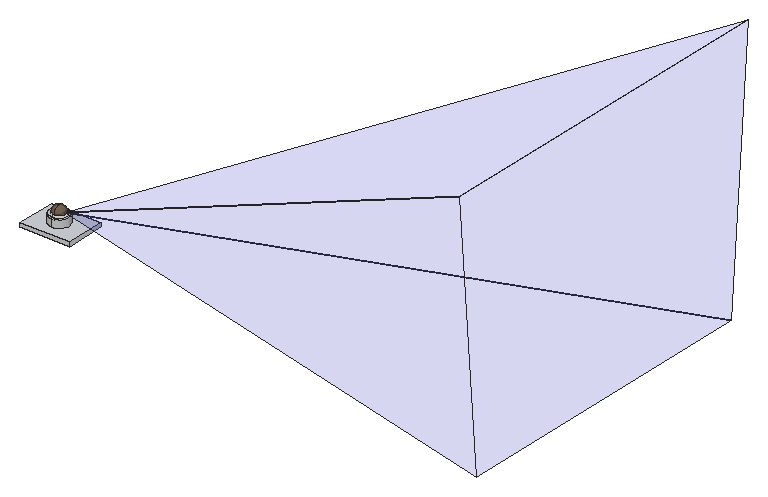
Revit family "Camera-Security-Canon-Fixed_Dome_Camera", category Security Devices, host Face, Revit 2012
Parameters (values of type "1.3 MP - Fixed")
  zz YesNo 9 [instance] = and(not(zz YesNo 13), zz Integer 1 = 13)  # no
  zz YesNo 8 [instance] = and(not(zz YesNo 13), zz Integer 1 = 3)  # no
  zz YesNo 7 [instance] = 0 = 1  # no
  zz YesNo 6 [instance] = and(not(zz YesNo 13), or(zz Integer 1 = 6, zz Integer 1 = 9, zz Integer 1 = 1))  # no
  zz YesNo 5 [instance] = and(not(zz YesNo 13), zz Integer 1 = 7)  # no
  zz YesNo 4 [instance] = and(not(zz YesNo 13), or(zz Integer 1 = 6, zz Integer 1 = 16, zz Integer 1 = 12))  # no
  zz YesNo 3 [instance] = and(not(zz YesNo 13), zz Integer 1 = 6)  # no
  zz YesNo 27 [instance] = and(not(zz YesNo 13), zz Integer 1 = 16)  # no
  zz YesNo 26 [instance] = and(not(zz YesNo 13), or(zz Integer 1 = 5, zz Integer 1 = 7, zz Integer 1 = 8, zz Integer 1 = 11))  # no
  zz YesNo 25 [instance] = 0 = 1  # no
  zz YesNo 24 [instance] = and(not(zz YesNo 13), zz Integer 1 = 10)  # no
  zz YesNo 23 [instance] = and(not(zz YesNo 13), zz Integer 1 = 2)  # no
  zz YesNo 22 [instance] = 0 = 1  # no
  zz YesNo 21 [instance] = and(not(zz YesNo 13), Has Field of View)  # yes
  zz YesNo 20 [instance] = 0 = 1  # no
  zz YesNo 2 [instance] = not(zz YesNo 13)  # yes
  zz YesNo 19 [instance] = and(not(zz YesNo 13), not(Vandal Resistant Housing), Has Smoked Dome)  # no
  zz YesNo 18 [instance] = and(not(zz YesNo 13), zz Integer 1 = 5)  # no
  zz YesNo 17 [instance] = and(not(zz YesNo 13), zz Integer 1 = 4)  # no
  zz YesNo 16 [instance] = yes
  zz YesNo 15 [instance] = if(zz YesNo 7, 1, 0) + if(zz YesNo 11, 1, 0) + if(Has Recessed Mount, 1, 0) + if(zz YesNo 25, 1, 0) + if(zz YesNo 22, 1, 0) + if(Has Pole Mount Aluminium, 1, 0) + if(Has Pole Mount Stainless Steel, 1, 0) + if(Has Ceiling Pendant Mount, 1, 0) + if(zz YesNo 20, 1, 0) + if(Has Wall Corner Mount, 1, 0) + if(zz YesNo 1, 1, 0) + if(zz YesNo 10, 1, 0) + if(Has Wall Mount Bracket, 1, 0) + if(Has Wall Bracket Mount, 1, 0) + if(Has Junction Box Mounting Kit, 1, 0) > 1  # no
  zz YesNo 14 [instance] = and(not(zz YesNo 13), zz Integer 1 = 8)  # no
  zz YesNo 13 [instance] = or(zz YesNo 15, and(not(Vandal Resistant Housing), zz Integer 1 = 12), and(not(Vandal Resistant Housing), or(Has Heater, not(Has Clear Dome))))  # no
  zz YesNo 12 [instance] = and(not(zz YesNo 13), zz Integer 1 = 11)  # no
  zz YesNo 11 [instance] = 0 = 1  # no
  zz YesNo 10 [instance] = 0 = 1  # no
  zz YesNo 1 [instance] = 0 = 1  # no
  zz Length 99 = 8.205"  # constant formula
  zz Length 98 = 2.000"  # constant formula
  zz Length 97 = 5.500"  # constant formula
  zz Length 96 = 4.720"  # constant formula
  zz Length 95 = 0.235"  # constant formula
  zz Length 94 = 7.080"  # constant formula
  zz Length 93 [instance] = 1.940" * sin(zz Angle 5 - 90.000°)  # -1.8739"
  zz Length 92 = 5.215"  # constant formula
  zz Length 91 = 7.352"  # constant formula
  zz Length 90 [instance] = 200.000"
  zz Length 9 [instance] = if(zz YesNo 25, 0.000", 2.000")  # 2.000"
  zz Length 89 [instance] = if(zz Integer 1 = 3, 0.000", 54.640")  # 54.640"
  zz Length 88 = 0.125"  # constant formula
  zz Length 87 = 5.306"  # constant formula
  zz Length 86 = 1.750"  # constant formula
  zz Length 85 = 4.720"  # constant formula
  zz Length 84 [instance] = if(zz Angle 6 = 0.000°, zz Length 25, zz Length 106)  # 200.000"
  zz Length 83 = 4.720"  # constant formula
  zz Length 82 = 1.500"  # constant formula
  zz Length 81 = 1.750"  # constant formula
  zz Length 80 = 7.200"  # constant formula
  zz Length 8 [instance] = if(zz Angle 6 = 0.000°, zz Length 55, zz Length 103)  # 200.000"
  zz Length 79 = 4.290"  # constant formula
  zz Length 78 = 10.404"  # constant formula
  zz Length 77 = 0.250"  # constant formula
  zz Length 76 [instance] = if(zz Integer 1 = 1, 0.000", if(zz Integer 1 = 9, 0.670", if(zz Integer 1 = 6, 2.570", 37.640")))  # 37.640"
  zz Length 75 [instance] = if(zz Integer 1 = 11, 0.000", 84.596")  # 84.596"
  zz Length 74 = 1.770"  # constant formula
  zz Length 73 = -1.750"  # constant formula
  zz Length 72 [instance] = zz Length 93 * sin(zz Angle 4 - 180.000°)  # 0.000"
  zz Length 71 = 0.500"  # constant formula
  zz Length 70 [instance] = 2.362"  # constant formula
  zz Length 7 = 7.000"  # constant formula
  zz Length 69 [instance] = if(zz Angle 6 = 0.000°, zz Length 103, zz Length 25)  # 200.000"
  zz Length 68 [instance] = if(zz Angle 6 = 0.000°, zz Length 106, zz Length 55)  # 200.000"
  zz Length 67 = 1.811"  # constant formula
  zz Length 66 = 0.125"  # constant formula
  zz Length 65 [instance] = if(zz YesNo 13, 4.000", 1.000")  # 1.000"
  zz Length 64 = 0.500"  # constant formula
  zz Length 63 = 7.093"  # constant formula
  zz Length 62 = 0.470"  # constant formula
  zz Length 61 = 0.248"  # constant formula
  zz Length 60 [instance] = if(zz Integer 1 = 16, 4.800", 0.000")  # 0.000"
  zz Length 6 = 1.750"  # constant formula
  zz Length 59 = 3.970"  # constant formula
  zz Length 58 = 3.660"  # constant formula
  zz Length 57 [instance] = if(zz Integer 1 = 10, 0.000", 62.140")  # 62.140"
  zz Length 56 [instance] = zz Length 93 * cos(zz Angle 4 - 180.000°)  # -1.8739"
  zz Length 55 [instance] = 200.000"
  zz Length 54 = 3.937"  # constant formula
  zz Length 53 [instance] = 3.347" + (1.940" * cos(zz Angle 5 - 90.000°))  # 3.84911"
  zz Length 52 = 2.485"  # constant formula
  zz Length 51 [instance] = if(or(zz Integer 1 = 5, zz Integer 1 = 7), 0.000", if(zz Integer 1 = 8, 1.811", if(zz Integer 1 = 11, 2.756", 0.000")))  # 0.000"
  zz Length 50 = 10.253"  # constant formula
  zz Length 5 = 0.250"  # constant formula
  zz Length 49 [instance] = zz Length 32 - 30.000"  # 0.000"
  zz Length 48 [instance] = 4.331"  # constant formula
  zz Length 47 [instance] = if(zz Integer 1 = 12, 0.000", if(zz Integer 1 = 6, 2.570", if(zz Integer 1 = 16, 0.670", 104.000")))  # 104.000"
  zz Length 46 = zz Length 34 / 2  # 2.360"
  zz Length 45 [instance] = if(Pipe Length Desired < 0.250", 0.250", if(Pipe Length Desired > 240.000", 240.000", Pipe Length Desired))  # 12.000"
  zz Length 44 = 8.874"  # constant formula
  zz Length 43 [instance] = if(zz Integer 1 = 1, 0.000", if(zz Integer 1 = 2, 0.000", if(zz Integer 1 = 3, 0.000", if(zz Integer 1 = 4, 0.000", if(zz Integer 1 = 5, 0.000", if(zz Integer 1 = 6, 0.000", if(zz Integer 1 = 7, 0.000", if(zz Integer 1 = 8, 0.000", if(zz Integer 1 = 16, 10.881", if(zz Integer 1 = 10, 0.000", if(zz Integer 1 = 11, 0.000", if(zz Integer 1 = 12, 0.000", if(zz Integer 1 = 13, 0.000", 0.000")))))))))))))  # 0.000"
  zz Length 42 = -6.500"  # constant formula
  zz Length 41 = 7.884"  # constant formula
  zz Length 40 [instance] = zz Length 4 - 20.000"  # 0.000"
  zz Length 4 [instance] = if(zz Integer 1 = 1, 18.189", if(zz Integer 1 = 2, 20.000", if(zz Integer 1 = 3, 20.000", if(zz Integer 1 = 4, 20.000", if(zz Integer 1 = 5, 20.000", if(zz Integer 1 = 6, 18.189", if(zz Integer 1 = 7, 20.000", if(zz Integer 1 = 8, 20.000", if(zz Integer 1 = 16, 18.189", if(zz Integer 1 = 10, 20.000", if(zz Integer 1 = 11, 20.000", if(zz Integer 1 = 12, 18.250", if(zz Integer 1 = 13, 17.914", 20.000")))))))))))))  # 20.000"
  zz Length 39 = 1.970"  # constant formula
  zz Length 38 = 2.000"  # constant formula
  zz Length 37 = 6.000"  # constant formula
  zz Length 36 [instance] = 2.756"  # constant formula
  zz Length 35 = 3.600"  # constant formula
  zz Length 34 = 4.720"  # constant formula
  zz Length 33 [instance] = if(zz YesNo 9, 4.054", 151.000")  # 151.000"
  zz Length 32 [instance] = if(zz Integer 1 = 1, 39.488", if(zz Integer 1 = 2, 31.970", if(zz Integer 1 = 3, 27.350", if(zz Integer 1 = 4, 30.047", if(and(zz Length 45 > 0.250", zz Integer 1 = 5), 34.290" + zz Length 45, if(zz Integer 1 = 5, 34.290", if(zz Integer 1 = 6, 41.170", if(and(zz Length 45 > 0.250", zz Integer 1 = 7), 33.660" + zz Length 45, if(zz Integer 1 = 7, 33.660", if(and(zz Integer 1 = 8, zz Length 45 > 0.250"), 31.811" + zz Length 45, if(zz Integer 1 = 8, 31.811", if(zz Integer 1 = 16, 36.751", if(zz Integer 1 = 10, 31.770", if(and(zz Integer 1 = 11, zz Length 45 > 0.250"), 32.756" + zz Length 45, if(zz Integer 1 = 11, 32.756", if(zz Integer 1 = 12, 38.600", if(zz Integer 1 = 13, 33.937", 30.000")))))))))))))))))  # 30.000"
  zz Length 31 = 3.500"  # constant formula
  zz Length 30 [instance] = 200.000"
  zz Length 3 [instance] = zz Length 43  # 0.000"
  zz Length 29 [instance] = if(zz Integer 1 = 8, 0.000", 76.035")  # 76.035"
  zz Length 28 [instance] = zz Length 90  # 200.000"
  zz Length 27 = 0.697"  # constant formula
  zz Length 26 = 0.750"  # constant formula
  zz Length 25 [instance] = 200.000"
  zz Length 24 = -6.146"  # constant formula
  zz Length 23 = 2.756"  # constant formula
  zz Length 22 = 13.000"  # constant formula
  zz Length 21 [instance] = if(zz Integer 1 = 6, 2.445", 69.910")  # 69.910"
  zz Length 20 = 2.570"  # constant formula
  zz Length 2 = 6.830"  # constant formula
  zz Length 19 [instance] = if(zz Integer 1 = 2, 0.000", 7.220")  # 7.220"
  zz Length 18 [instance] = if(zz Integer 1 = 16, 0.000", 99.352")  # 99.352"
  zz Length 17 [instance] = zz Length 30  # 200.000"
  zz Length 16 = 6.743"  # constant formula
  zz Length 15 = 2.244"  # constant formula
  zz Length 14 = 4.720"  # constant formula
  zz Length 13 [instance] = if(and(zz Integer 1 = 5, zz Length 45 > 0.250"), zz Length 45, if(zz Integer 1 = 5, 0.000", 15.690"))  # 15.690"
  zz Length 12 = 2.244"  # constant formula
  zz Length 111 = -4.103"  # constant formula
  zz Length 110 = 4.970"  # constant formula
  zz Length 11 [instance] = if(zz YesNo 13, 7.000", 1.000")  # 1.000"
  zz Length 109 = 4.880"  # constant formula
  zz Length 108 = 7.080"  # constant formula
  zz Length 107 = 6.690"  # constant formula
  zz Length 106 [instance] = 200.000"
  zz Length 105 = 2.600"  # constant formula
  zz Length 104 [instance] = if(and(zz Integer 1 = 7, zz Length 45 > 0.250"), zz Length 45, if(zz Integer 1 = 7, 0.000", 26.980"))  # 26.980"
  zz Length 103 [instance] = 200.000"
  zz Length 102 = zz Length 107 / 2  # 3.345"
  zz Length 101 = 9.724"  # constant formula
  zz Length 100 = 4.103"  # constant formula
  zz Length 10 [instance] = if(zz YesNo 13, 7.000", 1.000")  # 1.000"
  zz Length 1 = zz Length 85 / 2  # 2.360"
  zz Integer 2 = 1
  zz Integer 1 [instance] = if(zz YesNo 7, 1, if(zz YesNo 11, 2, if(Has Recessed Mount, 3, if(zz YesNo 25, 4, if(zz YesNo 22, 5, if(or(Has Pole Mount Aluminium, Has Pole Mount Stainless Steel), 6, if(Has Ceiling Pendant Mount, 7, if(zz YesNo 20, 8, if(Has Wall Corner Mount, 16, if(zz YesNo 1, 10, if(zz YesNo 10, 11, if(Has Wall Mount Bracket, 12, if(Has Wall Bracket Mount, 13, if(Has Junction Box Mounting Kit, 15, 14))))))))))))))  # 14
  zz Angle 9 = 0.000°
  zz Angle 8 [instance] = if(zz Integer 1 = 16, 45.000°, 90.000°)  # 90.000°
  zz Angle 7 [instance] = if(zz Integer 1 = 16, 45.000°, 90.000°)  # 90.000°
  zz Angle 6 [instance] = if(zz Integer 1 = 1, 0.000°, if(zz Integer 1 = 2, 90.000°, if(zz Integer 1 = 3, 90.000°, if(zz Integer 1 = 4, 90.000°, if(zz Integer 1 = 5, 90.000°, if(zz Integer 1 = 6, 0.000°, if(zz Integer 1 = 7, 90.000°, if(zz Integer 1 = 8, 90.000°, if(zz Integer 1 = 16, 0.000°, if(zz Integer 1 = 10, 90.000°, if(zz Integer 1 = 11, 90.000°, if(zz Integer 1 = 12, 0.000°, if(zz Integer 1 = 13, 0.000°, 90.000°)))))))))))))  # 90.000°
  zz Angle 5 [instance] = if(Tilt Desired < 15.000°, 15.000°, if(Tilt Desired > 165.000°, 165.000°, Tilt Desired))  # 15.000°
  zz Angle 4 [instance] = Rotation Desired  # 180.000°
  zz Angle 3 [instance] = if(zz Integer 1 = 16, 45.000°, 90.000°)  # 90.000°
  zz Angle 2 = 0.000°
  zz Angle 1 [instance] = (if(or(Has Wall Mount Bracket, Has Wall Bracket Mount, Has Wall Corner Mount, Has Pole Mount Aluminium), 90.000°, 0.000°))  # 0.000°
  Has Pole Mount Aluminium [instance] = no
  Has Pole Mount Stainless Steel [instance] = no
  Has Wall Corner Mount [instance] = no
  Width [instance] = if(Vandal Resistant Housing, 6.460", 6.100")  # 6.460"
  Weight [instance] = if(Vandal Resistant Housing, 4.211 lbf, 2.624 lbf)  # 4.211 lbf
  Unit is Wall Mounted [instance] = no
  URL = "http://www.usa.canon.com/cusa/home"
  Tilt Desired [instance] = 0.000°
  Shutter Speed = "1, 1/2, 1/4, 1/8, 1/15, 1/30, 1/60, 1/100, 1/120, 1/250, 1/500, 1/1000, 1/2000, 1/4000, 1/8000, 1/10000, 1/16000 sec."  # constant formula
  Scanning System = "Progressive"  # constant formula
  Rotation Desired [instance] = 180.000°
  Resolution = if(zz Integer 2 = 1, "JPEG, H.264: 1280 x 720, 640 x 360, 320 x 180, 1280 x 960, 640 x 480, 320 x 240", "JPEG, H.264: 1920 x 1080, 960 x 540, 480 x 270, 1280 x 720, 640 x 360, 320 x 180, 1280 x 960, 640 x 480, 320 x 240")  # "JPEG, H.264: 1280 x 720, 640 x 360, 320 x 180, 1280 x 960, 640 x 480, 320 x 240"
  Product Page URL = "http://www.usa.canon.com/cusa/office/products/hardware/network_video_solutions/dome_network_cameras/vb_m620d"
  Product Documentation Link = "http://www.usa.canon.com/cusa/professional/products/network_video_solutions/dome_network_cameras/vb_m620d#Specifications"
  Part Number [instance] = if(and(Has Heater, not(Vandal Resistant Housing)), "ERROR: Heater is Only Available with Vandal Resistant Housing", if(and(not(Has Clear Dome), not(Vandal Resistant Housing)), "ERROR: Smoked Lens is Only Available with Vandal Resistant Housing", if(and(zz Integer 2 = 1, Vandal Resistant Housing, Has Heater), "VB-M620VE with HU600-VB", if(and(zz Integer 2 = 2, Vandal Resistant Housing, Has Heater), "VB-H630VE with HU600-VB", if(and(zz Integer 2 = 1, Vandal Resistant Housing), "VB-M620VE", if(and(zz Integer 2 = 2, Vandal Resistant Housing), "VB-H630VE", if(zz Integer 2 = 1, "VB-M620D", if(zz Integer 2 = 2, "VB-H630D", "Error: Not Available"))))))))  # "VB-M620VE"
  Part Description [instance] = if(and(zz Integer 2 = 1, Vandal Resistant Housing), "1.3 Megapixel Fixed Dome Network Camera with Vandal Resistant Case", if(and(zz Integer 2 = 2, Vandal Resistant Housing), "2.1 Megapixel Fixed Dome Network Camera with Vandal Resistant Case", if(zz Integer 2 = 1, "1.3 Megapixel Fixed Dome Network Camera", if(zz Integer 2 = 2, "2.1 Megapixel Fixed Dome Network Camera", "Not Availble"))))  # "1.3 Megapixel Fixed Dome Network Camera with Vandal Resistant Case"
  Operating Conditions [instance] = if(Vandal Resistant Housing, "Temperature: -30°C – +50°C (-22°F – +122°F)\n  Equipped with separately sold Heater Unit HU600-VB", "Temperature:  -10°C - +50°C (+14°F - +122°F)")  # "Temperature: -30°C – +50°C (-22°F – +122°F)\n  Equipped with separately sold Heater Unit HU600-VB"
  Mount Part Number [instance] = if(zz YesNo 15, "ERROR: Select One Mount Option", if(and(zz YesNo 13, Has Heater), "ERROR: Heater Only Available with Vandal Resistant Housing", if(and(not(Vandal Resistant Housing), zz Integer 1 = 12), "ERROR: Wall Mount Bracket Not Available with Non Vandal Resistant Housing", if(zz Integer 1 = 2, "SS30-VB", if(zz Integer 1 = 3, "SR600-VB", if(zz Integer 1 = 4, "PS30-VB", if(zz Integer 1 = 5, "PC30-VB", if(and(Has Pole Mount Aluminium, zz Integer 1 = 6), "A-SWD5ZWB600 and A-BK3(OW)", if(and(Has Pole Mount Stainless Steel, zz Integer 1 = 6), "A-SWD5ZWB600 and A-BK3S(OW)", if(zz Integer 1 = 12, "A-SWD5ZWB600", if(zz Integer 1 = 13, "A-SWD5WB", if(zz Integer 1 = 15, "PS600-VB", if(zz Integer 1 = 16, "A-CM3", "None Selected")))))))))))))  # "None Selected"
  Model Disclaimer = "This 3D model is a simulation of a highly customizable piece of Canon equipment. For assistance in selecting the right Canon equipment for your project, please contact Canon U.S.A., Inc."  # constant formula
  Model = "See Part Number"  # constant formula
  Minimum Illumination = 0.45 lx  # constant formula
  Megapixels = if(zz Integer 2 = 1, "1.3", "2.1")  # "1.3"
  Maximum Framerate = "JPEG: 0.1 - 30 fps; H.263: 1/2/3/5/6/10/15/30 fps"  # constant formula
  Manufacturer = "Canon U.S.A., Inc."  # constant formula
  Lens Type = "Varifocal"  # constant formula
  Image Sensor = "1/3 Type CMOS (Primary Color Filter)"  # constant formula
  IPv4 Protocol = "TCP/IP, UDP, HTTP, FTP, SNMP (MIB2), SMTP (Client), DHCP (Client), DNS (Client), ARP, ICMP, POP3, NTP, SMTP Authentication, RTSP, WV-HTTP (Canon Proprietary), ONVIF"  # constant formula
  Height [instance] = if(Vandal Resistant Housing, 5.790", 5.510")  # 5.790"
  Has Smoked Dome [instance] = not(Has Clear Dome)  # no
  Has Junction Box Mounting Kit [instance] = no
  Has No Mount [instance] = zz Integer 1 = 14  # yes
  Has Heater [instance] = no
  Has Clear Dome [instance] = yes
  Family Version = "1.0"  # constant formula
  Equipment Number [instance] = ""
  Equipment Abbreviation = "SC"
  Effective Pixels = if(zz Integer 2 = 1, "1.3 Million Pixels", "2.1 Million Pixels")  # "1.3 Million Pixels"
  Description = "See Part Description"  # constant formula
  Day and Night = "Auto/Manual"  # constant formula
  Date Modified = "September 15, 2014"  # constant formula
  Date Created = "September 15, 2014"  # constant formula
  Copyright = "Copyright ©2014 Canon U.S.A., Inc."  # constant formula
  Audio In = "Φ3.5mm (Φ0.14 in.) Mini-Jack Connector (Monaural),- Connect via an Audio Interface Cable (Included) Switch Line IN/MIC IN in the Setting Page. LINE IN x 1 (Connect to an Amplifier Microphone) or MIC IN x 1 (Connect to a Microphone w/o Amplifier)"  # constant formula
  Aperture = "1.2~2.0"  # constant formula
  Angular Field of View = "Horizontal: 111.0° (W) - 36.5° (T); Vertical: 60.1° (W) - 20.5° (T)"  # constant formula
  Alarm Triggers = "External Device Input, Intelligent Function (Video), Intelligent Function (Volume), Timer"  # constant formula
  Has Wall Mount Bracket [instance] = no
  Field of View Range [instance] = 400.000"  # constant formula
  Has Recessed Mount [instance] = no
  Has Field of View [instance] = yes
  Has 16 x 9 Wide Field of View [instance] = no
  Default Elevation = 48.000"
  Has 4 x 3 Narrow Field of View [instance] = not(Has 16 x 9 Wide Field of View)  # yes
  Field of View Vertical [instance] = if(Has 16 x 9 Wide Field of View, 74.700°, 25.300°)  # 25.300°
  Has Ceiling Pendant Mount [instance] = no
  Field of View Horizontal [instance] = if(Has 16 x 9 Wide Field of View, 101.200°, 33.700°)  # 33.700°
  Has Wall Bracket Mount [instance] = no
  Mount Selection [instance] = if(zz YesNo 15, "ERROR: Select One Mount Option", if(and(zz YesNo 13, Has Heater), "ERROR: Heater Only Available with Vandal Resistant Housing", if(and(not(Vandal Resistant Housing), zz Integer 1 = 12), "ERROR: Wall Mount Bracket Not Available with Non Vandal Resitant Housing", if(and(Has Heater, not(Vandal Resistant Housing)), "ERROR: Heater is Only Available with Vandal Resistant Housing", if(and(not(Has Clear Dome), not(Vandal Resistant Housing)), "ERROR: Smoked Dome is Only Available with Vandal Resistant Housing", if(zz Integer 1 = 1, "Wall Mount", if(zz Integer 1 = 2, "Surface Mount", if(zz Integer 1 = 3, "Recess Mount", if(zz Integer 1 = 4, "Junction Mount", if(zz Integer 1 = 5, " Pendant Mount S series", if(and(zz Integer 1 = 6, Has Pole Mount Aluminium), "Aluminium Pole Mount", if(and(zz Integer 1 = 6, Has Pole Mount Stainless Steel), "Stainless Steel Pole Mount", if(zz Integer 1 = 7, "Pendant Mount", if(zz Integer 1 = 8, "Coupling Mount", if(zz Integer 1 = 16, "Corner Mount", if(zz Integer 1 = 10, "Ceiling Mount", if(zz Integer 1 = 11, "Ceiling Bracket Mount", if(zz Integer 1 = 12, "Wall Mount Bracket", if(zz Integer 1 = 13, "Bracket Mount", if(zz Integer 1 = 15, "Junction Box Mounting Kit", "No Mount"))))))))))))))))))))  # "No Mount"
  Pipe Length Desired [instance] = 12.000"
  Pipe Length Actual [instance] = if(Pipe Length Desired < 0.000", 0.000", if(Pipe Length Desired > 240.000", 240.000", Pipe Length Desired))  # 12.000"
  Vandal Resistant Housing [instance] = yes
Reference planes (in)
  plane 1 "Center (Front/Back)": y = 0
  plane 2 "Center (Elevation)": z = 0
  plane 3 "Center (Left/Right)": x = 0
  plane 4: x = -2.36
  plane 5: x = 2.36
  plane 6: y = 2.36
  plane 7: y = -2.36
  plane 8: x = -3.345
  plane 9: x = 3.345
  plane 10: y = 2.75
  plane 11: y = -2.75
  plane 12 "Junction Box": z = 2
  plane 13: z = 2.47
  plane 14: x = -2.36
  plane 15: x = 2.36
  plane 16: y = 2.36
  plane 17: y = -2.36
  plane 18: y = 2.485
  plane 19: y = -2.485
  plane 20: z = 7.22
  plane 21: z = 9.19
  plane 22: z = 7.47
  plane 23: z = 15.69
  plane 24: z = 19.98
  plane 25: x = -2.36
  plane 26: x = 2.36
  plane 27: z = 18.23
  plane 28: x = 1
  plane 29: x = -1
  plane 30: z = 12.096
  plane 31 "Wall Mount Center": x = 0
  plane 32: z = 26.98
  plane 33: z = 30.64
  plane 34: x = -3.54
  plane 35: x = 3.54
  plane 36: z = 28.89
  plane 37: x = -1
  plane 38: x = 1
  plane 39: x = 5.306
  plane 40: z = 23.897
  plane 41: z = 37.64
  plane 42: x = -4.862
  plane 43: z = 54.64
  plane 44: x = 4.862
  plane 45: z = 55.337
  plane 46: x = 2.44
  plane 47: x = -2.44
  plane 48: z = 54.875
  plane 49: z = 62.14
  plane 50: x = 3.54
  plane 51: x = -3.54
  plane 52: x = 2.6075
  plane 53: x = -2.6075
  plane 54: z = 63.91
  plane 55: z = 69.91
  plane 56: x = 1.985
  plane 57: x = -1.985
  plane 58: z = 70.035
  plane 59: z = 67.465
  plane 60: x = 1.20045
  plane 61: x = 1.32986
  plane 62: x = -1.85559
  plane 63: x = 1.85559
  plane 64: x = -1.32986
  plane 65: x = -1.20045
  plane 66 "Pole Mount Top": y = 2.5
  plane 67 "Pole Bottom": y = -4.5
  plane 68: x = 1.122
  plane 69: x = -1.122
  plane 70: z = 76.035
  plane 71: z = 77.846
  plane 72: x = 1.5
  plane 73: z = 4.72
  plane 74: z = 84.596
  plane 75: z = 87.352
  plane 76: x = 1.122
  plane 77: x = -1.122
  plane 78: x = 0.75
  plane 79: z = 84.844
  plane 80: x = 1.9685
  plane 81: x = -1.9685
  plane 82: y = 1.9685
  plane 83: y = -1.9685
  plane 84: x = -1.7185
  plane 85: x = 1.7185
  plane 86: y = -1.7185
  plane 87: y = 1.7185
  plane 88: z = 95.298
  plane 89: y = -5
  plane 90: y = 3.206
  plane 91: z = -4.054
  plane 92: z = 1
  plane 93: y = 0.5
  plane 94: y = -0.5
  plane 95: x = -0.5
  plane 96: x = 0.5
  plane 97 "X Axis": x = 0
  plane 98: y = 20
  plane 99 "Y Axis": y = 0
  plane 100 "Z Axis": z = 0
  plane 101: z = -30
  plane 102: z = 104
  plane 103: z = 104.311
  plane 104: z = 107.63
  plane 105: z = 108.725
  plane 106: x = -3.676
  plane 107: x = 3.676
  plane 108: y = -3
  plane 109: y = 3
  plane 110: y = -1.737
  plane 111: z = 112.6
  plane 112: z = 117
  plane 113: z = 116.5
  plane 114: y = -1.75
  plane 115: y = 1.75
  plane 116: x = -1.8
  plane 117: x = 1.8
  plane 118: y = 2.6
  plane 119: y = -4.6
  plane 120: y = 2.1655
  plane 121: y = -2.1655
  plane 122: x = -1.378
  plane 123: x = 1.378
  plane 124: z = 146.946
  plane 125: z = 147.02474
  plane 126: z = 150.88288
  plane 127: y = 2.0865
  plane 128 "Pipe Bottom": z = 0
  plane 129 "Pipe Top": z = 12
  plane 130: through (-70.71068, -180, -70.71068) normal (-0.7071, 0, 0.7071)
  plane 131: through (70.71068, -180, -70.71068) normal (-0.7071, 0, -0.7071)
  plane 132: through (0, -70.71068, -70.71068) normal (0, -0.7071, 0.7071)
  plane 133: through (0, 70.71068, -70.71068) normal (0, -0.7071, -0.7071)
  plane 134: through (-70.71068, -70.71068, 48) normal (-0.7071, 0.7071, 0)
  plane 135: through (70.71068, -70.71068, 48) normal (-0.7071, -0.7071, 0)
Forms (in)
  Extrusion 1, solid
    sketch origin (0, 0, 0) x (1, 0, 0) y (0, 1, 0)
      loop
        line (-8.5, 7) -> (-8.5, -7.39238) -> (9.65918, -7.39238) -> (9.65918, 7) -> (-8.5, 7)
    from 0 to -1.3931
  Revolve 2, solid, material "Plastic - Canon - Grey", visible <- "zz YesNo 17"
    sketch origin (0, 0, 0) x (1, 0, 0) y (0, 0, 1)
      loop
        line (2.36, 2.47) -> (0, 2.47) -> (0, 2) -> (3.345, 2) -> (2.36, 2.47)
      axis (0, 2.47) -> (0, 2)
    angle from 0 to 360
  Revolve 3, solid, material "Plastic - Canon - Grey", visible <- "zz YesNo 5"
    sketch origin (0, 0, 0) x (1, 0, 0) y (0, 0, 1)
      loop
        line (3.54, 30.64) -> (0, 30.64) -> (0, 26.98) -> (1.00012, 26.98)
        arc (1.00012, 26.98) -> (2.12345, 28.12983) -> (3.54, 28.88967) r 5.2958
        line (3.54, 28.88967) -> (3.54, 30.64)
      axis (0, 30.64) -> (0, 26.98)
    angle from 0 to 360
  Revolve 4, solid, material "Plastic - Canon - Grey", visible <- "zz YesNo 8"
    sketch origin (0, 0, 0) x (1, 0, 0) y (0, 0, 1)
      loop
        line (2.44, 55.337) -> (0, 55.337) -> (0, 54.64) -> (4.862, 54.64) -> (4.862, 54.875) -> (2.44, 55.337)
      axis (0, 55.337) -> (0, 54.64)
    angle from 0 to 360
  Extrusion 5, solid, material "Error Box", visible <- "zz YesNo 13"
    sketch origin (0, 0, 0) x (1, 0, 0) y (0, 0, 1)
      loop
        line (-0.5, 0) -> (0.5, 0) -> (0.5, 1) -> (-0.5, 1) -> (-0.5, 0)
    from -0.5 to 0.5
  Sweep 6, solid, material "Plastic - Canon - Grey", not visible, detail levels fine
    path origin (0, 0, 0) x (0, 0, -1) y (0, 1, 0)
      loop
        line (0, 0) -> (1, 0)
    profile origin (0, 0, -0.5) x (1, 0, 0) y (0, 1, 0)
      loop
        circle (0, 0) r 0.25
  Extrusion 7, solid, material "Plastic - Canon - Grey", visible <- "zz YesNo 4"
    sketch origin (0, 0, 104) x (0, 0, 1) y (0, -1, 0)
      loop
        line (4.725, -1.80946) -> (4.725, 1.737) -> (3.8583, 1.737) -> (0.311, 2.70422) -> (0.311, -0.97261) -> (4.725, -1.80946)
    from -1.7 to 1.7
  Revolve 8, solid, material "Plastic - Canon - Grey", visible <- "zz YesNo 4"
    sketch origin (0, 0, 104) x (0, 0, 1) y (0, -1, 0)
      loop
        line (13, 1.75) -> (12.5, 1.75) -> (12.5, -1.75) -> (8.6, -1.75) -> (8.6, -2.53827)
        arc (8.6, -2.53827) -> (10.85443, -2.44797) -> (13, -1.75) r 8.24594
        line (13, -1.75) -> (13, 1.75)
      axis (8.6, 1.75) -> (8.6, -2.53827)
    angle from 0 to 360
  Extrusion 9, solid, material "Plastic - Canon - Grey", visible <- "zz YesNo 9"
    sketch origin (0, 0, 0) x (1, 0, 0) y (0, 1, 0)
      loop
        line (-1.378, 2.1655) -> (-1.378, -2.1655) -> (1.378, -2.1655) -> (1.378, 2.1655) -> (-1.378, 2.1655)
    from 146.946 to 147.02474
  Extrusion 10, solid, material "Plastic - Canon - Grey", visible <- "zz YesNo 9"
    sketch origin (0, 0, 0) x (1, 0, 0) y (0, 0, 1)
      loop
        arc (1.378, 148.9645) -> (0, 153.24488) -> (-1.378, 148.9645) r 2.362
        line (-1.378, 148.9645) -> (-1.378, 146.946) -> (1.378, 146.946) -> (1.378, 148.9645)
    from -2.1655 to -2.0865
  Extrusion 11, solid, material "Plastic - Canon - Grey", visible <- "zz YesNo 26"
    sketch origin (0, 0, 0) x (-1, 0, 0) y (0, -1, 0)
      loop
        circle (0, 0) r 0.75
    from 0 to 12
  Extrusion 12, solid, material "Plastic - Canon - Grey", visible <- "zz YesNo 27"
    sketch origin (0, 0, 95.298) x (0, 0, 1) y (-1, 0, 0)
      loop
        line (6.735, 1.90604) -> (4.176, 1.90604) -> (0, 6.08204) -> (0, 5.7293) -> (4.07325, 1.65604) -> (6.485, 1.65604) -> (6.485, -1.66296) -> (4.07325, -1.66296) -> (0, -5.73621) -> (0, -6.08896) -> (4.176, -1.91296) -> (6.735, -1.91296) -> (6.735, 1.90604)
    from -3.206 to 5
  Extrusion 13, solid, material "Plastic - Canon - Grey", visible <- "zz YesNo 3"
    sketch origin (0, 0, 0) x (1, 0, 0) y (0, 0, 1)
      loop
        line (-2.01849, 70.035) -> (-1.32986, 67.465) -> (-1.20045, 67.465) -> (-1.85559, 69.91) -> (1.85559, 69.91) -> (1.20045, 67.465) -> (1.32986, 67.465) -> (2.01849, 70.035) -> (-2.01849, 70.035)
    from -2.5 to 4.5
  Sweep 14, solid, material "Plastic - Canon - Grey", visible <- "zz YesNo 4"
    path origin (0, 0, 104) x (0, 0, 1) y (0, -1, 0)
      loop
        line (0, 0) -> (0.311, 0)
    profile origin (0, 0, 104.1555) x (0, -1, 0) y (1, 0, 0)
      loop
        line (-2.6, -1.8) -> (4.6, -1.8) -> (4.6, 1.83045) -> (-2.6, 1.83045) -> (-2.6, -1.8)
Cuts and joins
  joined: Extrusion 9, Extrusion 10
  joined: Extrusion 7, Revolve 8
Lines and regions (in)
  reference lines
    curve 1: line (0, -6.1875, 37.64) -> (0, 5.0635, 37.64)
    curve 2: line (0, 0, 0) -> (0, 14.25, 0)
    curve 3: line (-1.985, 0, 69.91) -> (-1.32986, 0, 67.465)
    curve 4: line (-1.85559, 0, 69.91) -> (-1.20045, 0, 67.465)
    curve 5: line (1.985, 0, 69.91) -> (1.32986, 0, 67.465)
    curve 6: line (1.85559, 0, 69.91) -> (1.20045, 0, 67.465)
    curve 7: line (-5.946, 0, 95.298) -> (5.946, 0, 95.298)
    curve 8: line (0, 0, 95.298) -> (0, 0, 102.033)
    curve 9: line (0, 0, 0) -> (6.5, 0, 0)
    curve 10: line (0, 0, 37.64) -> (0, 0, 44.14)
    curve 11: line (0, 0, 0) -> (0, 0, -17)
    curve 12: line (-106.06602, 200, 106.06602) -> (106.06602, 200, -106.06602)
    curve 13: line (106.06602, -200, 106.06602) -> (-106.06602, -200, -106.06602)
    curve 14: line (-200, -106.06602, 106.06602) -> (-200, 106.06602, -106.06602)
    curve 15: line (200, 106.06602, 106.06602) -> (200, -106.06602, -106.06602)
    curve 16: line (-106.06602, 106.06602, 200) -> (106.06602, -106.06602, 200)
    curve 17: line (-106.06602, -106.06602, -200) -> (106.06602, 106.06602, -200)
    curve 18: line (0, 0, 104) -> (0, 0, 118.75)
Dimensions and locks (in)
  equal spacing: plane 4, plane 3 "Center (Left/Right)", plane 5
  "zz Length 85": plane 4 to plane 5
  equal spacing: plane 7, plane 1 "Center (Front/Back)", plane 6
  "zz Length 83": plane 6 to plane 7
  equal spacing: plane 11, plane 1 "Center (Front/Back)", plane 10
  equal spacing: plane 8, plane 3 "Center (Left/Right)", plane 9
  "zz Length 107": plane 8 to plane 9
  "zz Length 97": plane 10 to plane 11
  "zz Length 9": plane 12 "Junction Box" to level
  "zz Length 62": plane 13 to plane 12 "Junction Box"
  equal spacing: plane 14, plane 3 "Center (Left/Right)", plane 15
  "zz Length 34": plane 14 to plane 15
  equal spacing: plane 17, plane 1 "Center (Front/Back)", plane 16
  "zz Length 96": plane 16 to plane 17
  equal spacing: plane 19, plane 1 "Center (Front/Back)", plane 18
  "zz Length 110": plane 18 to plane 19
  "zz Length 19": plane 20 to level
  "zz Length 39": plane 21 to plane 20
  "zz Length 5": plane 22 to plane 20
  "zz Length 13": plane 23 to level
  "zz Length 79": plane 24 to plane 23
  equal spacing: plane 25, plane 3 "Center (Left/Right)", plane 26
  "zz Length 14": plane 25 to plane 26
  "zz Length 81": plane 24 to plane 27
  equal spacing: plane 28, plane 3 "Center (Left/Right)", plane 29
  "zz Length 38": plane 28 to plane 29
  "zz Length 41": plane 24 to plane 30
  "zz Length 104": plane 32 to level
  "zz Length 58": plane 33 to plane 32
  equal spacing: plane 34, plane 3 "Center (Left/Right)", plane 35
  "zz Length 108": plane 34 to plane 35
  "zz Length 86": plane 33 to plane 36
  equal spacing: plane 37, plane 3 "Center (Left/Right)", plane 38
  "zz Length 98": plane 37 to plane 38
  "zz Length 16": plane 33 to plane 40
  "zz Length 87": plane 39 to plane 3 "Center (Left/Right)"
  "zz Length 76": plane 41 to level
  "zz Length 60": plane 31 "Wall Mount Center" to plane 3 "Center (Left/Right)"
  equal spacing: plane 44, plane 3 "Center (Left/Right)", plane 42
  "zz Length 101": plane 44 to plane 42
  "zz Length 89": plane 43 to level
  "zz Length 27": plane 45 to plane 43
  equal spacing: plane 46, plane 3 "Center (Left/Right)", plane 47
  "zz Length 109": plane 46 to plane 47
  "zz Length 95": plane 48 to plane 43
  "zz Length 57": plane 49 to level
  equal spacing: plane 50, plane 3 "Center (Left/Right)", plane 51
  equal spacing: plane 52, plane 3 "Center (Left/Right)", plane 53
  "zz Length 94": plane 50 to plane 51
  "zz Length 92": plane 52 to plane 53
  "zz Length 74": plane 54 to plane 49
  "zz Length 21": plane 55 to level
  equal spacing: plane 56, plane 3 "Center (Left/Right)", plane 57
  "zz Length 59": plane 56 to plane 57
  "zz Length 88": plane 58 to plane 55
  "zz Length 20": plane 58 to plane 59
  "zz Length 88": curve 3 to curve 4
  locked: plane 62 to plane 57 at 0.12941
  "zz Length 88": curve 6 to curve 5
  plane 56 to plane 63 to plane 61 to plane 60 = 0.12941" locked, 0.52573" locked, 0.12941" locked
  plane 65 to plane 64 to plane 62 = 0.12941" locked, 0.52573" locked
  plane 67 "Pole Bottom" to plane 1 "Center (Front/Back)" to plane 66 "Pole Mount Top" = 4.500" locked, 2.500" locked
  "zz Length 29": plane 70 to level
  equal spacing: plane 68, plane 3 "Center (Left/Right)", plane 69
  "zz Length 15": plane 68 to plane 69
  "zz Length 67": plane 71 to plane 70
  "zz Length 82": plane 72 to plane 3 "Center (Left/Right)"
  "zz Length 83": plane 73 to level
  "zz Length 75": plane 74 to level
  "zz Length 23": plane 75 to plane 74
  equal spacing: plane 76, plane 3 "Center (Left/Right)", plane 77
  "zz Length 12": plane 76 to plane 77
  "zz Length 26": plane 78 to plane 3 "Center (Left/Right)"
  "zz Length 61": plane 79 to plane 74
  equal spacing: plane 80, plane 3 "Center (Left/Right)", plane 81
  "zz Length 54": plane 80 to plane 81
  "zz Length 54": plane 82 to plane 83
  equal spacing: plane 83, plane 1 "Center (Front/Back)", plane 82
  "zz Length 77": plane 86 to plane 83
  "zz Length 77": plane 82 to plane 87
  "zz Length 77": plane 81 to plane 84
  "zz Length 77": plane 85 to plane 80
  "zz Length 18": plane 88 to plane 91
  plane 89 to plane 1 "Center (Front/Back)" to plane 90 = 5.000" locked, 3.206" locked
  locked: level to plane 91 at 4.054
  "zz Length 65": plane 92 to level
  equal spacing: plane 94, plane 1 "Center (Front/Back)", plane 93
  "zz Length 11": plane 93 to plane 94
  level to Extrusion 5 = 1.000"
  equal spacing: plane 96, plane 3 "Center (Left/Right)", plane 95
  "zz Length 10": plane 96 to plane 95
  "zz Length 4": plane 98 to plane 99 "Y Axis"
  locked: plane 98 to plane 1 "Center (Front/Back)" at 20
  "zz Length 32": plane 100 "Z Axis" to plane 101
  "zz Length 43": plane 3 "Center (Left/Right)" to plane 97 "X Axis"
  locked: plane 2 "Center (Elevation)" to plane 101 at 30
  locked: plane 103 to plane 102 at 0.311
  locked: plane 104 to plane 102 at 3.63
  locked: plane 105 to plane 102 at 4.725
  equal spacing: plane 107, plane 3 "Center (Left/Right)", plane 106
  "zz Length 91": plane 107 to plane 106
  equal spacing: plane 108, plane 1 "Center (Front/Back)", plane 109
  "zz Length 37": plane 108 to plane 109
  locked: plane 108 to plane 110 at 1.263
  locked: plane 111 to plane 102 at 8.6
  "zz Length 22": plane 112 to plane 102
  "zz Length 71": plane 112 to plane 113
  equal spacing: plane 114, plane 1 "Center (Front/Back)", plane 115
  "zz Length 31": plane 114 to plane 115
  Revolve 8 sketch curve to plane 1 "Center (Front/Back)" = 5.66874"
  "zz Length 80": plane 118 to plane 119
  equal spacing: plane 116, plane 3 "Center (Left/Right)", plane 117
  "zz Length 35": plane 116 to plane 117
  "zz Length 105": plane 1 "Center (Front/Back)" to plane 118
  "zz Length 47": plane 102 to plane 2 "Center (Elevation)"
  equal spacing: plane 121, plane 1 "Center (Front/Back)", plane 120
  "zz Length 48": plane 121 to plane 120
  equal spacing: plane 122, plane 3 "Center (Left/Right)", plane 123
  "zz Length 36": plane 122 to plane 123
  plane 126 to plane 125 to plane 124 = 3.85814" locked, 0.07874" locked
  "zz Length 33": plane 124 to plane 91
  locked: plane 127 to plane 120 at 0.079
  "zz Length 45": plane 129 "Pipe Top" to plane 128 "Pipe Bottom"
  "zz Length 51": plane 128 "Pipe Bottom" to plane 2 "Center (Elevation)"
  equal spacing: curve 12, plane 130, curve 12
  locked: curve 12 to curve 12 at 300
  "zz Length 90": curve 12 to plane 99 "Y Axis"
  equal spacing: curve 13, plane 131, curve 13
  locked: curve 13 to curve 13 at 300
  equal spacing: curve 14, plane 132, curve 14
  locked: curve 14 to curve 14 at 300
  equal spacing: curve 15, plane 133, curve 15
  locked: curve 15 to curve 15 at 300
  equal spacing: curve 16, plane 134, curve 16
  locked: curve 16 to curve 16 at 300
  "zz Length 103": curve 16 to plane 128 "Pipe Bottom"
  equal spacing: curve 17, plane 135, curve 17
  locked: curve 17 to curve 17 at 300
  "zz Length 106": plane 128 "Pipe Bottom" to curve 17
  Extrusion 12 sketch curve to Extrusion 12 sketch curve to Extrusion 12 sketch curve to Extrusion 12 sketch curve to Extrusion 12 sketch curve to Extrusion 12 sketch curve to Extrusion 12 sketch curve to Extrusion 12 sketch curve to Extrusion 12 sketch curve to Extrusion 12 sketch curve to Extrusion 12 sketch curve to Extrusion 12 sketch curve = 0.35275" locked, 3.82325" locked, 0.000" locked, 0.250" locked, 0.000" locked, 3.319", 0.000" locked, 0.250" locked, 0.000" locked, 3.82325" locked, 0.35275" locked
  Extrusion 12 sketch curve to Extrusion 12 sketch curve to Extrusion 12 sketch curve to Extrusion 12 sketch curve to Extrusion 12 sketch curve to Extrusion 12 sketch curve to Extrusion 12 sketch curve to Extrusion 12 sketch curve to Extrusion 12 sketch curve to Extrusion 12 sketch curve = 0.250" locked, 2.309" locked, 0.000" locked, 0.10275" locked, 0.000" locked, 4.07325", 0.000", 0.000", 0.000" locked
  locked: profile plane to Sweep 14 sketch curve at 4.6
  locked: Sweep 14 sketch curve to profile plane at 2.6
  locked: profile plane to Sweep 14 sketch curve at 1.83045
  locked: Sweep 14 sketch curve to profile plane at 1.8
  "zz Length 30": curve 13 to plane 1 "Center (Front/Back)"
  "zz Length 25": curve 14 to plane 3 "Center (Left/Right)"
  "zz Length 55": plane 3 "Center (Left/Right)" to curve 15
  "zz Length 70": radius of Extrusion 10 sketch curve
  "zz Angle 2": angle curve 2 to plane 31 "Wall Mount Center"
  "zz Angle 8": angle plane 88 to curve 8
  angle curve 9 to plane 3 "Center (Left/Right)" = 90.000°
  "zz Angle 7": angle plane 41 to curve 10
  "zz Angle 6": angle curve 11 to plane 100 "Z Axis"
  "zz Angle 3": angle plane 102 to curve 18
  aligned and locked: plane 2 "Center (Elevation)" to Extrusion 1
  aligned and locked: level to Extrusion 1
  aligned and locked: plane 15 to Revolve 2 sketch curve
  aligned and locked: plane 13 to Revolve 2 sketch curve
  aligned and locked: plane 9 to Revolve 2 sketch curve
  aligned and locked: plane 12 "Junction Box" to Revolve 2 sketch curve
  aligned and locked: Revolve 2 sketch curve to plane 3 "Center (Left/Right)"
  aligned and locked: Revolve 2 sketch curve to plane 12 "Junction Box"
  aligned and locked: Revolve 3 sketch curve to plane 3 "Center (Left/Right)"  (x2)
  aligned and locked: plane 39 to Revolve 3 sketch curve
  aligned and locked: plane 40 to Revolve 3 sketch curve
  aligned and locked: Revolve 3 sketch curve to plane 32
  aligned and locked: Revolve 3 sketch curve to plane 35
  aligned and locked: Revolve 3 sketch curve to plane 33
  aligned and locked: plane 48 to Revolve 4 sketch curve
  aligned and locked: plane 46 to Revolve 4 sketch curve
  aligned and locked: plane 43 to Revolve 4 sketch curve
  aligned and locked: Revolve 4 sketch curve to plane 44
  aligned and locked: plane 45 to Revolve 4 sketch curve
  aligned and locked: plane 3 "Center (Left/Right)" to Revolve 4 sketch curve
  aligned and locked: Revolve 4 sketch curve to plane 3 "Center (Left/Right)"
  aligned and locked: plane 57 to curve 3
  aligned and locked: plane 55 to curve 3
  aligned and locked: plane 55 to curve 4
  aligned and locked: plane 62 to curve 4
  aligned and locked: plane 59 to curve 4
  aligned and locked: plane 65 to curve 4
  aligned and locked: plane 64 to curve 3
  aligned and locked: plane 59 to curve 6
  aligned and locked: plane 59 to curve 5
  aligned and locked: plane 60 to curve 6
  aligned and locked: plane 61 to curve 5
  aligned and locked: plane 56 to curve 5
  aligned and locked: plane 55 to curve 6
  aligned and locked: plane 63 to curve 6
  aligned and locked: plane 88 to curve 8
  aligned and locked: plane 3 "Center (Left/Right)" to curve 9
  aligned and locked: plane 1 "Center (Front/Back)" to curve 9
  aligned and locked: plane 41 to curve 10
  aligned and locked: plane 3 "Center (Left/Right)" to curve 1
  aligned and locked: plane 93 to Extrusion 5
  aligned and locked: Extrusion 5 to plane 94
  aligned and locked: plane 92 to Extrusion 5 sketch curve
  aligned and locked: Extrusion 5 sketch curve to level
  aligned and locked: Extrusion 5 to plane 95
  aligned and locked: plane 96 to Extrusion 5
  aligned and locked: plane 100 "Z Axis" to curve 11
  aligned and locked: plane 99 "Y Axis" to curve 11
  aligned and locked: profile plane to Sweep 6 sketch curve  (x2)
  aligned and locked: Extrusion 7 sketch curve to plane 110
  aligned and locked: plane 114 to Revolve 8 sketch curve
  aligned and locked: Revolve 8 sketch curve to plane 115
  aligned and locked: Extrusion 9 sketch curve to plane 121
  aligned and locked: Extrusion 9 sketch curve to plane 123
  aligned and locked: plane 122 to Extrusion 9 sketch curve
  aligned and locked: plane 120 to Extrusion 9 sketch curve
  aligned and locked: Extrusion 9 to plane 124
  aligned and locked: plane 125 to Extrusion 9
  aligned and locked: plane 126 to Extrusion 10 sketch curve
  aligned and locked: plane 3 "Center (Left/Right)" to Extrusion 10 sketch curve
  aligned and locked: plane 122 to Extrusion 10 sketch curve
  aligned and locked: plane 123 to Extrusion 10 sketch curve
  aligned and locked: Extrusion 10 sketch curve to plane 124
  aligned and locked: Extrusion 10 to plane 120
  aligned and locked: plane 127 to Extrusion 10
  aligned and locked: plane 31 "Wall Mount Center" to curve 10
  aligned and locked: plane 41 to curve 1
  aligned and locked: plane 3 "Center (Left/Right)" to Extrusion 11 sketch curve
  aligned and locked: plane 1 "Center (Front/Back)" to Extrusion 11 sketch curve
  aligned and locked: Extrusion 11 to plane 128 "Pipe Bottom"
  aligned and locked: plane 129 "Pipe Top" to Extrusion 11
  aligned and locked: Extrusion 13 sketch curve to plane 58
  aligned and locked: Extrusion 13 sketch curve to plane 55
  aligned and locked: Extrusion 13 sketch curve to curve 4
  aligned and locked: Extrusion 13 sketch curve to curve 3
  aligned and locked: Extrusion 13 sketch curve to curve 6
  aligned and locked: Extrusion 13 sketch curve to curve 5
  aligned and locked: Extrusion 13 sketch curve to plane 59  (x2)
  aligned and locked: plane 66 "Pole Mount Top" to Extrusion 13
  aligned and locked: Extrusion 13 to plane 67 "Pole Bottom"
  aligned and locked: plane 90 to Extrusion 12
  aligned and locked: Extrusion 12 to plane 89
  aligned and locked: plane 31 "Wall Mount Center" to curve 18
  aligned and locked: plane 102 to curve 18
Automatic sketch dimensions
  Extrusion 1 sketch curve to Extrusion 1 sketch curve = 18.15918"
  Extrusion 1 sketch curve to Extrusion 1 sketch curve = 14.39238"
  plane 28 to Revolve 3 sketch curve = 0.00012"
  Revolve 3 sketch curve to level = 24.000"
  plane 33 to Revolve 3 sketch curve = 72.07882"
  Revolve 4 sketch curve to level = 24.000"
  Revolve 4 sketch curve to Revolve 4 sketch curve = 47.38182"
  curve 7 to curve 8 = 0.000"
  curve 7 to curve 8 = 5.946"
  curve 8 to curve 7 = 5.946"
  curve 1 to plane 41 = 0.000"
  plane 90 to curve 1 = 1.8575"
  curve 1 to plane 89 = 1.1875"
  Extrusion 5 sketch curve to plane 3 "Center (Left/Right)" = 0.500"
  Extrusion 5 sketch curve to plane 78 = 0.250"
  Sweep 6 sketch curve to curve 11 = 0.000"  (x2)
  curve 11 to Sweep 6 sketch curve = 1.000"
  Extrusion 12 sketch curve to curve 8 = 0.000"
  Extrusion 12 sketch curve to curve 8 = 6.08896"
  curve 8 to plane 3 "Center (Left/Right)" = 0.000"
  Revolve 8 sketch curve to curve 18 = 6.150"  (x2)
  Revolve 8 sketch curve to curve 18 = 5.3497"
  Revolve 8 sketch curve to curve 18 = 2.250"
  Revolve 8 sketch curve to Revolve 8 sketch curve = 0.500"
  Revolve 8 sketch curve to Revolve 8 sketch curve = 0.000"
  Revolve 8 sketch curve to curve 18 = 82.57514"
  curve 18 to Revolve 8 sketch curve = 100.58824"
  curve 18 to Extrusion 7 sketch curve = 0.311"
  Extrusion 7 sketch curve to Extrusion 7 sketch curve = 3.5473"
  Extrusion 7 sketch curve to Extrusion 7 sketch curve = 0.8667"
  Extrusion 7 sketch curve to curve 18 = 0.97261"
  curve 18 to Extrusion 7 sketch curve = 1.80946"
  curve 18 to Extrusion 7 sketch curve = 2.70422"
  Sweep 14 sketch curve to curve 18 = 0.000"  (x2)
  curve 18 to Sweep 14 sketch curve = 0.311"
  radius of Sweep 6 sketch curve = 0.250"
  radius of Extrusion 11 sketch curve = 0.750"
Nested families (in)
  nested 1: "Standard Dome" at (0, 0, 0) x (0, -1, 0) z (0, 0, 1), View Pan Desired <- "zz Angle 4", View Tilt Desired <- "zz Angle 5", visible <- "zz YesNo 2", z Unit is Wall Mounted <- "Unit is Wall Mounted", z Error <- "zz YesNo 13", z Visible Smoked <- "Has Smoked Dome", z Visible Clear <- "Has Clear Dome", type "Standard Dome"
    with z Visible Smoked no, z Visible Clear yes, z Visibility Wall Mounted no, z Visibility Ceiling Mounted yes, z Unit is Wall Mounted no, z Unit is Ceiling Mounted yes, z Error no, View Tilt Desired 15.000°, View Tilt Actual 15.000°, View Pan Desired 180.000°, View Pan Actual 180.000°
  nested 2: "Field of View" at (0, 0, 0), Camera Z <- "zz Length 49", Camera Y <- "zz Length 40", Camera X <- "zz Length 3", Lens Z <- "zz Length 53", Lens Y <- "zz Length 56", Lens X <- "zz Length 72", Lens Tilt <- "zz Angle 5", Lens Rotate <- "zz Angle 4", Camera Tilt <- "zz Angle 1", Room Depth Top Desired <- "zz Length 103", Room Depth Right Desired <- "zz Length 55", Room Depth Left Desired <- "zz Length 25", Room Depth Front Desired <- "zz Length 30", Room Depth Bottom Desired <- "zz Length 106", Room Depth Back Desired <- "zz Length 90", View Range Length <- "Field of View Range", visible <- "zz YesNo 21", Field of View Vertical <- "Field of View Vertical", Field of View Horizontal <- "Field of View Horizontal", type "Pyramid"
    with z Visible Pyramid yes, z Visible Cone no, z View Range Width 242.29621", z View Range Length Actual 400.000", z View Range Height 179.55434", z Room Top Actual 7800.000", z Room Right Actual 7800.000", z Room Left Actual 7800.000", z Room Front Actual 7800.000", z Room Bottom Actual 7800.000", z Room Back Actual 7800.000", z Lens Tilt Actual -75.000°, z Lens Rotate Actual 270.000°, z Lens Pan Actual 0.000°, z Filed of View Angle Half 0.000°, z Field of View Length Actual 400.000", z Camera Z Actual 8000.000", z Camera Y Actual 8000.000", z Camera X Actual 8000.000", z Camera Tilt Actual 0.000°, z Camera Rotate Actual 0.000°, z Camera Pan Actual 0.000°, z Base 8000.000", View Range Length 400.000", Room Depth Top Desired 200.000", Room Depth Right Desired 200.000", Room Depth Left Desired 200.000", Room Depth Front Desired 200.000", Room Depth Bottom Desired 200.000", Room Depth Back Desired 200.000", Lens Z 3.84911", Lens Y -1.8739", Lens X 0.000", Lens Tilt 15.000°, Lens Rotate 180.000°, Lens Pan 0.000°, Lens Flip Tilt no, Lens Flip Rotate no, Lens Flip Pan no, Lens Add Tilt -90.000°, Lens Add Rotate 90.000°, Lens Add Pan 0.000°, Filed of View Angle 0.000°, Field of View Vertical 25.300°, Field of View Horizontal 33.700°, Camera Z 0.000", Camera Y 0.000", Camera X 0.000", Camera Tilt 0.000°, Camera Rotate 0.000°, Camera Pan 0.000°, Camera Flip Tilt yes, Camera Flip Rotate no, Camera Flip Pan no, Camera Add Tilt 0.000°, Camera Add Rotate 0.000°, Camera Add Pan 0.000°
  nested 3: "Security Camera Symbol 2" at (0, 0, 0), type "PTZ Camera"
    with z Visible yes, z Rotation 0.000°
Connectors (in)
  electrical at (0, 0, 0)
    settings: on Sweep 6, index 1, voltage 0 V, apparent load 0 VA, apparent load phase1 0 VA, apparent load phase2 0 VA, apparent load phase3 0 VA, power factor 1, load classification "Other", number of poles 1, system type 10, power factor state 1, is connector primary yes, connector utility no, sub classification motor no, connector description "Security"
Definition of nested family "Standard Dome"
  Parameters (values of type "Standard Dome")
    z Visible Smoked [instance] = yes
    z Visible Clear [instance] = yes
    z Visibility Wall Mounted [instance] = and(not(z Error), z Unit is Wall Mounted)  # no
    z Visibility Ceiling Mounted [instance] = and(not(z Error), z Unit is Ceiling Mounted)  # yes
    z Unit is Ceiling Mounted [instance] = not(z Unit is Wall Mounted)  # yes
    z Radius 2 = 2.190"  # constant formula
    z Radius = 2.440"  # constant formula
    z Offset = 0.000"  # constant formula
    z Lens Width = 2.190"  # constant formula
    z Lens Height = 5.537"  # constant formula
    z Error [instance] = no
    Width = 3.540"  # constant formula
    View Tilt Desired [instance] = 90.000°
    View Tilt Actual [instance] = if(View Tilt Desired < 15.000°, 15.000°, if(View Tilt Desired > 165.000°, 165.000°, View Tilt Desired))  # 90.000°
    View Pan Desired [instance] = 0.000°
    z Unit is Wall Mounted [instance] = no
    View Pan Actual [instance] = if(View Pan Desired < 0.000°, 0.000°, if(View Pan Desired > 360.000°, 360.000°, View Pan Desired))  # 0.000°
    Product Material = Plastic - Canon - Grey
    Height = 5.787"  # constant formula
    Default Elevation = 48.000"
  Reference planes (in)
    plane 1 "Center (Front/Back)": y = 0
    plane 2 "Center (Elevation)": z = 0
    plane 3 "Center (Left/Right)": x = 0
    plane 4: z = 5.787
    plane 5: x = 3.54
    plane 6: z = 3.347
    plane 7: x = 2.44
    plane 8: x = 3.29
    plane 9: z = 0
    plane 10: x = 2.19
    plane 11: z = 5.537
    plane 12: z = 0.5
    plane 13: x = 0.25
    plane 14: x = -0.25
    plane 15: y = 0.25
    plane 16: y = -0.25
    plane 17: x = -3.54
    plane 18: y = -3.54
    plane 19: y = 3.54
  Forms (in)
    Extrusion 1, solid
      sketch origin (0, 0, 0) x (1, 0, 0) y (0, 1, 0)
        loop
          line (-2.37962, 2.4118) -> (-2.37962, -2.46002) -> (2.42787, -2.46002) -> (2.42787, 2.4118) -> (-2.37962, 2.4118)
      from 0 to -0.34101
    Revolve 2, solid, material "Plastic - Canon - Grey" <- "Product Material"
      sketch origin (0, 0, 0) x (1, 0, 0) y (0, 0, 1)
        loop
          line (2.44, 3.347) -> (2.25, 3.347)
          arc (2.25, 3.347) -> (1.59099, 1.75601) -> (0, 1.097) r 2.25
          line (0, 1.097) -> (0, 0) -> (3.54, 0) -> (3.54, 2.75293)
          arc (3.54, 2.75293) -> (3.49603, 2.89453) -> (3.37959, 2.98632) r 0.25
          line (3.37959, 2.98632) -> (2.44, 3.347)
        axis (0, 3.347) -> (0, 0)
      angle from 0 to 360
    Revolve 3, solid, material "Plastic - Canon - Black"
      sketch origin (0, 0, 3.347) x (0, 0, 1) y (1, 0, 0)
        loop
          line (2.13913, -0.46927) -> (1.94, -0.30218) -> (1.94, 0) -> (-2.19, 0)
          arc (-2.19, 0) -> (-0.23601, -2.17725) -> (2.13913, -0.46927) r 2.19
        axis (-2.19, 0) -> (2.13913, 0)
      angle from 0 to 360
    Revolve 4, solid, material "Plastic - Canon - Clear", visible <- "z Visible Clear"
      sketch origin (0, 0, -2) x (1, 0, 0) y (0, 0, 1)
        loop
          arc (2.44, 5.347) -> (1.72534, 7.07234) -> (0, 7.787) r 2.44
          line (0, 7.787) -> (0, 7.756)
          arc (0, 7.756) -> (1.70342, 7.05042) -> (2.409, 5.347) r 2.409
          line (2.409, 5.347) -> (2.44, 5.347)
        axis (0, 7.787) -> (0, 5.347)
      angle from 0 to 360
    Extrusion 5, solid, material "Plastic - Canon - Grey" <- "Product Material", not visible, detail levels fine
      sketch origin (0, 0, 0) x (1, 0, 0) y (0, 0, 1)
        loop
          line (-0.25, 0.5) -> (-0.25, 0) -> (0.25, 0) -> (0.25, 0.5) -> (-0.25, 0.5)
      from -0.25 to 0.25
    Revolve 6, solid, material "Plastic - Canon - Smoked", visible <- "z Visible Smoked"
      sketch origin (0, 0, 0) x (1, 0, 0) y (0, 0, 1)
        loop
          arc (2.44, 3.347) -> (1.72534, 5.07234) -> (0, 5.787) r 2.44
          line (0, 5.787) -> (0, 5.756)
          arc (0, 5.756) -> (1.70342, 5.05042) -> (2.409, 3.347) r 2.409
          line (2.409, 3.347) -> (2.44, 3.347)
        axis (0, 5.787) -> (0, 3.347)
      angle from 0 to 360
  Lines and regions (in)
    Masking region 1, not visible
      outline origin (0, 0, 0) x (1, 0, 0) y (0, 0, 1)
        loop
          line (-3.54, 3.347) -> (-3.54, 0) -> (3.54, 0) -> (3.54, 3.347) -> (2.44, 3.347)
          arc (2.44, 3.347) -> (0, 5.787) -> (-2.44, 3.347) r 2.44
          line (-2.44, 3.347) -> (-3.54, 3.347)
    Masking region 2, visible <- "z Unit is Wall Mounted"
      outline origin (0, 0, 0) x (1, 0, 0) y (0, 1, 0)
        loop
          circle (0, 0) r 3.5328
    Masking region 3, visible <- "z Unit is Ceiling Mounted"
      outline origin (0, 0, 0) x (0, 1, 0) y (0, 0, 1)
        loop
          line (-3.54, 3.347) -> (-3.54, 0) -> (3.54, 0) -> (3.54, 3.347) -> (2.44, 3.347)
          arc (2.44, 3.347) -> (0, 5.787) -> (-2.44, 3.347) r 2.44
          line (-2.44, 3.347) -> (-3.54, 3.347)
    reference lines
      curve 1: line (0, 0, 3.347) -> (0, 0, 3.847)
      curve 2: line (0, 0, 3.347) -> (0, 3.25, 3.347)
    symbolic lines, visible <- "z Unit is Ceiling Mounted", detail levels fine
      curve 3: line (0, -2.44, 3.347) -> (0, 2.44, 3.347)
    symbolic lines, visible <- "z Unit is Wall Mounted", detail levels fine
      curve 4: circle (0, 0, 0) r 2.44 normal (0, 0, 1)
  Dimensions and locks (in)
    "Height": plane 4 to plane 9
    "Width": plane 3 "Center (Left/Right)" to plane 5
    "z Radius": plane 4 to plane 6
    "z Radius": plane 3 "Center (Left/Right)" to plane 7
    plane 8 to plane 5 = 0.250"
    "z Offset": plane 9 to level
    "z Lens Height": plane 11 to plane 9
    "z Lens Width": plane 3 "Center (Left/Right)" to plane 10
    locked: Revolve 3 sketch curve to Revolve 3 sketch curve at 0.19913
    locked: plane 12 to plane 9 at 0.5
    plane 13 to plane 3 "Center (Left/Right)" to plane 14 = 0.250" locked, 0.250" locked
    plane 16 to plane 1 "Center (Front/Back)" to plane 15 = 0.250" locked, 0.250" locked
    plane 5 to plane 3 "Center (Left/Right)" to plane 17 = 3.540" locked, 3.540" locked
    locked: plane 5 to Masking region 1 sketch curve at 1.1
    plane 18 to plane 1 "Center (Front/Back)" to plane 19 = 3.540" locked, 3.540" locked
    locked: Masking region 3 sketch curve to plane 19 at 1.1
    locked: plane 18 to Masking region 3 sketch curve at 1.1
    "z Radius 2": radius of Revolve 3 sketch curve
    "z Radius": radius of Revolve 4 sketch curve
    radius of Revolve 2 sketch curve = 2.250"
    radius of Masking region 1 sketch curve = 2.440"
    radius of Masking region 2 sketch curve = 3.5328"
    radius of Revolve 6 sketch curve = 2.409"
    radius of Revolve 6 sketch curve = 2.440"
    "View Tilt Actual": angle curve 1 to plane 6
    "View Pan Actual": angle curve 2 to plane 3 "Center (Left/Right)"
    aligned and locked: plane 2 "Center (Elevation)" to Extrusion 1
    aligned and locked: level to Extrusion 1
    aligned and locked: Revolve 2 sketch curve to plane 3 "Center (Left/Right)"
    aligned and locked: plane 8 to Revolve 2 sketch curve
    aligned and locked: Revolve 2 sketch curve to plane 5
    aligned and locked: plane 9 to Revolve 2
    aligned and locked: Revolve 4 sketch curve to plane 6
    aligned and locked: Revolve 4 sketch curve to plane 3 "Center (Left/Right)"  (x2)
    aligned and locked: plane 6 to Revolve 4
    aligned and locked: plane 6 to Revolve 2 sketch curve
    aligned and locked: plane 3 "Center (Left/Right)" to Revolve 2 sketch curve
    aligned and locked: Extrusion 5 sketch curve to plane 13
    aligned and locked: Extrusion 5 sketch curve to plane 12
    aligned and locked: plane 14 to Extrusion 5 sketch curve
    aligned and locked: plane 9 to Extrusion 5 sketch curve
    aligned and locked: plane 15 to Extrusion 5
    aligned and locked: Extrusion 5 to plane 16
    aligned and locked: Masking region 1 sketch curve to plane 6
    aligned and locked: Masking region 1 sketch curve to plane 5
    aligned and locked: plane 17 to Masking region 1 sketch curve
    aligned and locked: plane 9 to Masking region 1 sketch curve
    aligned and locked: plane 6 to Masking region 1 sketch curve
    aligned and locked: plane 1 "Center (Front/Back)" to Masking region 2 sketch curve
    aligned and locked: plane 3 "Center (Left/Right)" to Masking region 2 sketch curve
    aligned and locked: plane 1 "Center (Front/Back)" to curve 2
    aligned and locked: plane 3 "Center (Left/Right)" to curve 2
    aligned and locked: curve 2 to curve 1
    aligned and locked: plane 6 to Masking region 3 sketch curve
    aligned and locked: plane 1 "Center (Front/Back)" to curve 4
    aligned and locked: plane 3 "Center (Left/Right)" to curve 4
    aligned and locked: plane 3 "Center (Left/Right)" to Revolve 6 sketch curve  (x2)
    aligned and locked: plane 6 to Revolve 6 sketch curve  (x2)
    aligned and locked: Revolve 6 sketch curve to plane 3 "Center (Left/Right)"  (x2)
    aligned and locked: Revolve 6 sketch curve to plane 6
  Automatic sketch dimensions
    Extrusion 1 sketch curve to Extrusion 1 sketch curve = 4.8075"
    Extrusion 1 sketch curve to Extrusion 1 sketch curve = 4.87181"
    Revolve 4 sketch curve to Revolve 4 sketch curve = 0.031"
    Revolve 4 sketch curve to level = 24.000"
    Revolve 4 sketch curve to Revolve 4 sketch curve = 94.93182"
    Revolve 2 sketch curve to plane 7 = 0.000"
    Revolve 2 sketch curve to plane 9 = 0.000"
    plane 8 to Revolve 2 sketch curve = 0.08959"
    Revolve 2 sketch curve to level = 24.000"
    Revolve 2 sketch curve to plane 6 = 0.59407"
    plane 4 to Revolve 2 sketch curve = 96.93182"
    Revolve 3 sketch curve to curve 1 = 0.000"  (x4)
    curve 1 to Revolve 3 sketch curve = 0.30218"
    curve 1 to Revolve 3 sketch curve = 1.940"
    Revolve 3 sketch curve to Revolve 3 sketch curve = 0.23546"
    curve 2 to curve 1 = 0.000"
    Masking region 3 sketch curve to level = 0.000"
    Masking region 3 sketch curve to plane 18 = 0.000"
    Masking region 3 sketch curve to plane 19 = 0.000"
